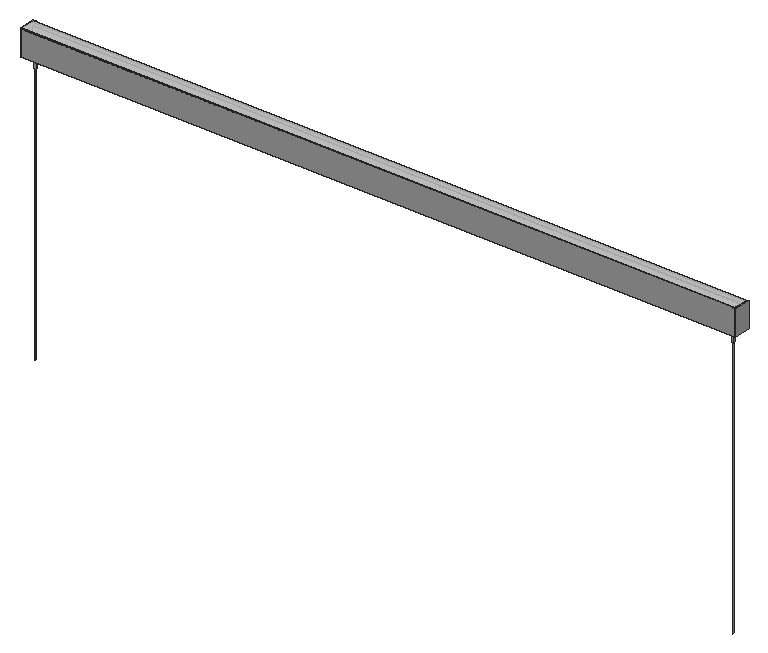
Revit family "2093154 Sylvania Lighting Fixture MC2-KIT 2-4M 3K DALIEM WHT PROS", category Lighting Fixtures, host Face, Revit 2016
Family settings
  Host = Face
  Part Type = Normal
  Round Connector Dimension = Use Diameter
  OmniClass Number = 23.80.70.11.17
  OmniClass Title = Specialized Lighting by Location or Use
  Cut with Voids When Loaded = No
  Light Source = Yes
  Shared = No
  Room Calculation Point = No
Parameters (values of type "2093154 MC2-KIT 2.4M 3K DALIEM WHT PRIS Emergency mode")
  Width_SYL = 54.0 mm
  Weight = "6.4 kg"
  Wattage = 45 W
  WarrantyStartDate [instance] = "n/a"
  WarrantyGuarantorParts = "n/a"
  WarrantyDurationUnit = "n/a"
  WarrantyDurationParts = "n/a"
  WarrantyDescription = "n/a"
  built-in parameter 1150110 = 1 (stored number, unit not read)
  Voltage = 0 V
  URL = "http://www.sylvania-lighting.com"
  TypeName = "MC2-KIT 2.4M 3K DALIEM WHT PRIS Emergency mode"
  built-in parameter 1114217 = 1 (stored number, unit not read)
  Tilt Angle = -90.00°
  built-in parameter 1150109 = 1 (stored number, unit not read)
  built-in parameter 1150134 = (empty or 0)
  built-in parameter 1150113 = 1 (stored number, unit not read)
  SerialNumber [instance] = "n/a"
  PowerFactor = 0.98
  PowerConsumption = "45 W"
  NominalWidth = 0.0 mm
  NominalLength = 2400.0 mm
  NominalHeight = 86.0 mm
  Name = "MC2-KIT 2.4M 3K DALIEM WHT PRIS Emergency mode"
  ModelReference = "MC2-KIT 2.4M 3K DALIEM WHT PRIS"
  ModelNumber = "2093154"
  Material_3_SYL = Metal_Sylvania_Mini Contiuum II_Silver
  Photometric Web File = "2093154EM.ies"
  Material_4_SYL = Metal_Sylvania_Mini Contiuum II_Silver
  MountingHeight_SYL [instance] = 1000.0 mm
  Material = "aluminium housing, polycarbonate diffuser"
  ManufacturerName = "Feilo Sylvania"
  LuminousEfficacy = "2.688 lm/W"
  LuminaireType = ""
  LightOutputRatio = "100"
  Length_SYL = 2400.0 mm
  LampsType = Lamp  # "LED"
  LampNominalLuminous = "121 lm"
  LampMacAdamStep = "3"
  LampColourTemperature = "3000 K"
  LampColourRenderingIndex = "80"
  Keynote = "16500"
  InstallationDate [instance] = "n/a"
  InputVoltage = "n/a"
  InputNominalFrequency = "n/a"
  IngressProtection = "IP20"
  ImpactProtectionIndex = "n/a"
  IfcExportType = "IfcLightFixtureType"
  IfcExportAs = "IfcLightFixtureType"
  Height_SYL = 86.0 mm
  ExpectedLife = 50000
  Emit from Rectangle Width = Width_SYL - 2.0 mm  # 52.0 mm
  Emit from Rectangle Length = Length_SYL  # 2400.0 mm
  Emit Shape Visible in Rendering = no
  ElectricShockClassification = "Class I"
  DurationUnit = "hours"
  DocumentationLiterature = "http://www.sylvania-lighting.com/product/en-int/products/2093154"
  DimmingControlOptions = "n/a"
  CreatedOn = "10/15/2018"
  CreatedBy = "@sylvania-lighting.com"
  built-in parameter 1114216 [instance] = 1 (stored number, unit not read)
  Model = "MC2-KIT 2.4M 3K DALIEM WHT PRIS"
  Manufacturer = "Feilo Sylvania"
  built-in parameter 1150105 = 9.6289 (stored number, unit not read)
  Lumens = 121 lm
  built-in parameter 1150115 = 1 (stored number, unit not read)
  built-in parameter 1150137 = (empty or 0)
  built-in parameter 1150139 = (empty or 0)
  built-in parameter 1150112 = 1 (stored number, unit not read)
  built-in parameter 1150114 = 1 (stored number, unit not read)
  Lamp = "LED"
  built-in parameter 1150132 = 2
  built-in parameter 1150102 = (empty or 0)
  built-in parameter 1150107 = 3000 (stored number, unit not read)
  built-in parameter 1150138 = (empty or 0)
  built-in parameter 1150106 = 0.096289 (stored number, unit not read)
  Material_1_SYL = Metal_Sylvania_Mini Continuum II_White
  built-in parameter 1150104 = 0.24981 (stored number, unit not read)
  Dimming Lamp Color Temperature Shift = <None>
  Material_2_SYL = Polycarbonate_Sylvania_Mini Continuum II_Opal_4000K
  Description = "2093154   MC2-KIT 2.4M 3K DALIEM WHT PRIS  Continuous lines of LED light, white RAL 9016, direct distribution, suspended kit version is pre-wired and supplied complete with end caps and suspension cables, compact and minimalist design based on the Golden Mean, ideal for offices, meeting rooms, corridors, education facilities, museums and libraries, extruded aluminium body, diffuser: micro prismatic, colour temperature: 3000K warm white, total system power: 45W, total fixture output: 4190lm, emergency output: 206lm, luminaire efficacy: 93lm/W, LOR: 100%, colour rendering: Ra >80, LED Chromacity: 1 step MacAdam ellipse, lifetime: 60,000 hours at 90% of the original output (L90), energy class: A++, A+, A, IR/UV free light source without heat radiation, operating voltage: 220-240V / 50-60Hz, drive current: 800mA, electronic driver, DALI dimmable, integral emergency: 3 hour maintained, electrical protection: CLASS I, IP20, suitable for internal environment only."
  Default Elevation = 0.0 mm
  Color Filter = 16777215
  built-in parameter 1140040 [instance] = 1
  BarCode [instance] = "n/a"
  built-in parameter 1114218 = 1 (stored number, unit not read)
  built-in parameter 1150133 = 10 (stored number, unit not read)
  AssetType = "Fixed"
  AssetIdentifier [instance] = "n/a"
  Assembly Code = "D5020200"
  Apparent Load = 45 VA
Types (2, lengths in mm): name | TypeName | Name | Photometric Web File | LuminousEfficacy | LampNominalLuminous | built-in parameter 1150105 | Lumens | built-in parameter 1150106 | built-in parameter 1150104
  2093154 MC2-KIT 2.4M 3K DALIEM WHT PRIS Emergency mode | "MC2-KIT 2.4M 3K DALIEM WHT PRIS Emergency mode" | "MC2-KIT 2.4M 3K DALIEM WHT PRIS Emergency mode" | "2093154EM.ies" | "2.688 lm/W" | "121 lm" | 9.6289 (stored number, unit not read) | 121 lm | 0.096289 (stored number, unit not read) | 0.24981 (stored number, unit not read)
  2093154 MC2-KIT 2.4M 3K DALIEM WHT PRIS | "MC2-KIT 2.4M 3K DALIEM WHT PRIS" | "MC2-KIT 2.4M 3K DALIEM WHT PRIS" | "2093154.ies" | "93 lm/W" | "4190 lm" | 333.03 (stored number, unit not read) | 4185 lm | 3.3303 (stored number, unit not read) | 8.64 (stored number, unit not read)
Reference planes
  plane 1 "Center (Front/Back)": y = 0
  plane 2 "Bottom Fixtures": z = 0
  plane 3 "Center (Left/Right)": x = 0
  plane 4 "Fixture Left": x = -1200
  plane 5 "Fixture Right": x = 1200
  plane 6 "Fixture Bottom": z = 1000
  plane 7: z = 998
  plane 8: z = 996
  plane 9: z = 986.951
  plane 10: z = 956.951
  plane 11 "Fixture Top": z = 914
  plane 12 "Mounting Right": x = 1172
  plane 13 "Mounting Left": x = -1172
  plane 14: z = 879
  plane 15: y = 27
  plane 16: y = -27
  plane 17: y = -26
  plane 18: y = -25
  plane 19: y = 26
  plane 20: y = 25
  plane 21: y = 11
  plane 22: y = -11
  plane 23: y = 24
  plane 24: y = 22
  plane 25: y = -22
  plane 26: y = 15
  plane 27: y = -15
  plane 28 "Upper Diffuser Left": x = -1050
  plane 29 "Upper Diffuser Right": x = 1050
  plane 30: x = -1202
  plane 31: x = 1202
Forms (mm)
  Extrusion 1, solid, material "Metal_Sylvania_Mini Continuum II_White" <- "Material_1_SYL", detail levels fine
    sketch origin (0, 0, 520) x (0, 1, 0) y (0, 0, 1)
      loop
        line (27, 480) -> (26, 480) -> (26, 478) -> (25, 478) -> (25, 396) -> (13, 396) -> (13, 398) -> (-13, 398) -> (-13, 396) -> (-25, 396) -> (-25, 478) -> (-26, 478) -> (-26, 480) -> (-27, 480) -> (-27, 394) -> (-11, 394) -> (-11, 396) -> (11, 396) -> (11, 394) -> (27, 394) -> (27, 480)
    from -1200 to 1200
  Extrusion 2, solid, material "Polycarbonate_Sylvania_Mini Continuum II_Opal_4000K" <- "Material_2_SYL", detail levels fine
    sketch origin (0, 0, 520) x (0, 1, 0) y (0, 0, 1)
      loop
        line (-26, 480) -> (-26, 478) -> (26, 478) -> (26, 480) -> (-26, 480)
    from -1200 to 1200
  Extrusion 3, solid, material "Metal_Sylvania_Mini Contiuum II_Silver" <- "Material_3_SYL", detail levels fine
    sketch origin (0, 0, 520) x (0, 1, 0) y (0, 0, 1)
      loop
        line (22, 466.951) -> (20.973, 466.951) -> (14.206, 437.951) -> (11, 437.951) -> (11, 436.951) -> (15, 436.951) -> (22, 466.951)
      loop
        line (-15, 436.951) -> (-11, 436.951) -> (-11, 437.951) -> (-14.206, 437.951) -> (-20.973, 466.951) -> (-22, 466.951) -> (-15, 436.951)
    from -1200 to 1200
  Extrusion 4, solid, material "Metal_Sylvania_Mini Continuum II_White" <- "Material_1_SYL", detail levels coarse+medium
    sketch origin (0, 0, 520) x (0, 1, 0) y (0, 0, 1)
      loop
        line (-27, 480) -> (-27, 394) -> (27, 394) -> (27, 480) -> (-27, 480)
    from -1200 to 1200
  Extrusion 5, solid, material "Metal_Sylvania_Mini Contiuum II_Silver" <- "Material_4_SYL", detail levels fine
    sketch origin (0, 0, -86) x (-1, 0, 0) y (0, -1, 0)
      loop
        circle (1172, 0) r 4
      loop
        circle (-1172, 0) r 4
    from 965 to 1002
  Extrusion 6, solid, material "Metal_Sylvania_Mini Contiuum II_Silver" <- "Material_4_SYL", detail levels fine
    sketch origin (0, 0, -86) x (-1, 0, 0) y (0, -1, 0)
      loop
        circle (-1172, 0) r 1
      loop
        circle (1172, 0) r 1
    from 86 to 965
  Extrusion 7, solid, material "Metal_Sylvania_Mini Continuum II_White" <- "Material_1_SYL"
    sketch origin (-1200, 171.684, 1219.2) x (0, 1, 0) y (0, 0, 1)
      loop
        line (-198.684, -305.2) -> (-144.684, -305.2) -> (-144.684, -219.2) -> (-198.684, -219.2) -> (-198.684, -305.2)
    from 0 to -2
  Extrusion 8, solid, material "Metal_Sylvania_Mini Continuum II_White" <- "Material_1_SYL"
    sketch origin (1200, 171.684, 1219.2) x (0, 1, 0) y (0, 0, -1)
      loop
        line (-144.684, 219.2) -> (-144.684, 305.2) -> (-198.684, 305.2) -> (-198.684, 219.2) -> (-144.684, 219.2)
    from 0 to -2
Lines and regions (mm)
  Masking region 1
    outline origin (0, 0, -86) x (-1, 0, 0) y (0, -1, 0)
      loop
        line (1200, -27) -> (1200, 27) -> (-1200, 27) -> (-1200, -27) -> (1200, -27)
  symbolic lines, detail levels fine
    curve 1: line (-1200, 26, -86) -> (1200, 26, -86)
    curve 2: line (-1200, -26, -86) -> (1200, -26, -86)
  model lines, detail levels coarse+medium
    curve 3: line (-1172, 0, 914) -> (-1172, 0, 0)
    curve 4: line (1172, 0, 914) -> (1172, 0, 0)
Dimensions and locks
  host sketch curve to plane 3 "Center (Left/Right)" to host sketch curve = 820.0 mm, 775.047 mm
  equal spacing: plane 4 "Fixture Left", plane 3 "Center (Left/Right)", plane 5 "Fixture Right"
  "Length_SYL": plane 4 "Fixture Left" to plane 5 "Fixture Right"
  plane 6 "Fixture Bottom" to plane 7 to plane 8 to plane 9 to plane 10 = 2.0 mm locked, 2.0 mm locked, 9.049 mm locked, 30.0 mm locked
  locked: Extrusion 1 sketch curve to Extrusion 1 sketch curve at 2
  locked: Extrusion 1 sketch curve to plane 11 "Fixture Top" at 2
  "Height_SYL": plane 6 "Fixture Bottom" to plane 11 "Fixture Top"
  locked: plane 12 "Mounting Right" to plane 5 "Fixture Right" at 28
  locked: plane 4 "Fixture Left" to plane 13 "Mounting Left" at 28
  locked: plane 11 "Fixture Top" to plane 14 at 35
  "MountingHeight_SYL": plane 6 "Fixture Bottom" to plane 2 "Bottom Fixtures"
  equal spacing: plane 15, plane 1 "Center (Front/Back)", plane 16
  "Width_SYL": plane 15 to plane 16
  plane 22 to plane 27 to plane 25 to plane 18 to plane 17 to plane 16 = 4.0 mm locked, 7.0 mm locked, 3.0 mm locked, 1.0 mm locked, 1.0 mm locked
  plane 15 to plane 19 to plane 20 to plane 23 to plane 24 to plane 26 to plane 21 = 1.0 mm locked, 1.0 mm locked, 1.0 mm locked, 2.0 mm locked, 7.0 mm locked, 4.0 mm locked
  locked: plane 4 "Fixture Left" to plane 28 "Upper Diffuser Left" at 150
  locked: plane 29 "Upper Diffuser Right" to plane 5 "Fixture Right" at 150
  equal spacing: plane 30, plane 3 "Center (Left/Right)", plane 31
  locked: plane 30 to plane 4 "Fixture Left" at 2
  aligned and locked: plane 2 "Bottom Fixtures" to host face
  aligned and locked: level to host face
  aligned and locked: plane 5 "Fixture Right" to curve 1
  aligned and locked: plane 4 "Fixture Left" to curve 1
  aligned and locked: plane 4 "Fixture Left" to curve 2
  aligned and locked: plane 5 "Fixture Right" to curve 2
  aligned and locked: Extrusion 1 sketch curve to plane 7
  aligned and locked: plane 6 "Fixture Bottom" to Extrusion 1 sketch curve  (x2)
  aligned and locked: plane 7 to Extrusion 1 sketch curve
  aligned and locked: Extrusion 1 to Extrusion 2 sketch curve
  aligned and locked: Extrusion 2 sketch curve to Extrusion 1  (x3)
  aligned and locked: Extrusion 3 sketch curve to plane 10
  aligned and locked: plane 9 to Extrusion 3 sketch curve
  aligned and locked: Extrusion 3 sketch curve to plane 9
  aligned and locked: Extrusion 4 sketch curve to plane 6 "Fixture Bottom"
  aligned and locked: Extrusion 4 to plane 4 "Fixture Left"
  aligned and locked: Extrusion 2 to plane 4 "Fixture Left"
  aligned and locked: Extrusion 3 to plane 4 "Fixture Left"
  aligned and locked: Extrusion 1 to plane 4 "Fixture Left"
  aligned and locked: Extrusion 4 to plane 5 "Fixture Right"
  aligned and locked: Extrusion 2 to plane 5 "Fixture Right"
  aligned and locked: Extrusion 3 to plane 5 "Fixture Right"
  aligned and locked: Extrusion 1 to plane 5 "Fixture Right"
  aligned and locked: plane 11 "Fixture Top" to Extrusion 4 sketch curve
  aligned and locked: Extrusion 1 sketch curve to plane 11 "Fixture Top"  (x2)
  aligned and locked: Extrusion 1 sketch curve to Extrusion 1 sketch curve
  aligned and locked: plane 6 "Fixture Bottom" to imposter light
  aligned and locked: plane 11 "Fixture Top" to curve 3
  aligned and locked: plane 2 "Bottom Fixtures" to curve 3
  aligned and locked: plane 11 "Fixture Top" to curve 4
  aligned and locked: plane 2 "Bottom Fixtures" to curve 4
  aligned and locked: curve 4 to plane 12 "Mounting Right"
  aligned and locked: curve 3 to plane 13 "Mounting Left"
  aligned and locked: Extrusion 5 to Extrusion 1
  aligned and locked: Extrusion 5 to plane 14
  aligned and locked: plane 14 to Extrusion 6
  aligned and locked: Extrusion 6 to level
  aligned and locked: plane 21 to Extrusion 3 sketch curve
  aligned and locked: Extrusion 3 sketch curve to plane 22
  aligned and locked: Extrusion 7 sketch curve to Extrusion 4  (x4)
  aligned and locked: Extrusion 7 to plane 30
  aligned and locked: plane 4 "Fixture Left" to Extrusion 7
  aligned and locked: Extrusion 8 sketch curve to Extrusion 4  (x4)
  aligned and locked: plane 31 to Extrusion 8
  aligned and locked: plane 5 "Fixture Right" to Extrusion 8
Automatic sketch dimensions
  host sketch curve to host sketch curve = 1047.463 mm
  plane 19 to curve 1 = 0.0 mm
  curve 2 to plane 17 = 0.0 mm
  Masking region 1 sketch curve to plane 5 "Fixture Right" = 0.0 mm
  Masking region 1 sketch curve to plane 4 "Fixture Left" = 0.0 mm
  plane 15 to Masking region 1 sketch curve = 0.0 mm
  Masking region 1 sketch curve to plane 16 = 0.0 mm
  Extrusion 1 sketch curve to plane 16 = 0.0 mm
  Extrusion 1 sketch curve to plane 17 = 0.0 mm
  Extrusion 1 sketch curve to plane 18 = 0.0 mm
  Extrusion 1 sketch curve to plane 22 = 0.0 mm
  Extrusion 1 sketch curve to plane 21 = 0.0 mm
  Extrusion 1 sketch curve to plane 20 = 0.0 mm
  Extrusion 1 sketch curve to plane 19 = 0.0 mm
  Extrusion 1 sketch curve to plane 15 = 0.0 mm
  plane 11 "Fixture Top" to Extrusion 1 sketch curve = 2.0 mm
  Extrusion 1 sketch curve to plane 22 = 2.0 mm
  Extrusion 1 sketch curve to plane 21 = 2.0 mm
  Extrusion 3 sketch curve to plane 25 = 0.0 mm
  Extrusion 3 sketch curve to plane 27 = 0.0 mm
  Extrusion 3 sketch curve to plane 26 = 0.0 mm
  Extrusion 3 sketch curve to plane 24 = 0.0 mm
  plane 10 to Extrusion 3 sketch curve = 1.0 mm
  Extrusion 3 sketch curve to Extrusion 3 sketch curve = 1.027 mm
  plane 27 to Extrusion 3 sketch curve = 0.794 mm
  plane 26 to Extrusion 3 sketch curve = 0.794 mm
  plane 24 to Extrusion 3 sketch curve = 1.027 mm
  Extrusion 4 sketch curve to plane 16 = 0.0 mm
  Extrusion 4 sketch curve to plane 15 = 0.0 mm
  plane 1 "Center (Front/Back)" to Extrusion 5 sketch curve = 0.0 mm  (x2)
  Extrusion 5 sketch curve to plane 12 "Mounting Right" = 0.0 mm
  Extrusion 5 sketch curve to plane 13 "Mounting Left" = 0.0 mm
  plane 1 "Center (Front/Back)" to Extrusion 6 sketch curve = 0.0 mm  (x2)
  Extrusion 6 sketch curve to plane 12 "Mounting Right" = 0.0 mm
  Extrusion 6 sketch curve to plane 13 "Mounting Left" = 0.0 mm
  Extrusion 3 sketch curve to Extrusion 3 sketch curve = 0.0 mm
  Extrusion 3 sketch curve to plane 10 = 0.0 mm
  radius of Extrusion 5 sketch curve = 4.0 mm  (x2)
  radius of Extrusion 6 sketch curve = 1.0 mm  (x2)
Connectors
  electrical at (1200, 0, 949), driven by "Apparent Load"
    settings: on Extrusion 1, index 1, voltage 230 V, apparent load 0 VA, apparent load phase1 45 VA, apparent load phase2 0 VA, apparent load phase3 0 VA, power factor 1, load classification "Lighting", number of poles 1, system type 31, power factor state 1, is connector primary yes, connector utility no, sub classification motor no, connector description ""
